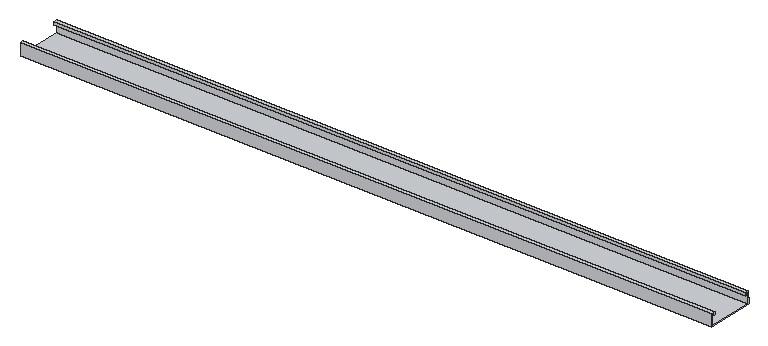
Revit family "TSN CW Stud", category Structural Framing, Revit 2026
Family settings
  Section Shape = Not Defined
  Material for Model Behavior = Other
  Always export as geometry = No
  Classification Number = 23.25.30.11.14.14
  Always vertical = Yes
  Cut with Voids When Loaded = No
  Symbolic Representation = From Family
  Shared = No
  Show family pre-cut in plan views = Yes
Parameters (values of type "800C200-54, 50 ksi")
  d2 = 0' - 0 1/2"
  Version = "2.0"
  URL = "http://www.steelnetwork.com/product.aspx/CurtainWall_CSection"
  T = 0' - 0.0566"
  Stud_D = 1' - 0"
  Section_DB = 4
  Manufacturer = "The Steel Network, Inc."
  Length [instance] = 10' - 0"
  D = 0' - 8"
  d1 = 0' - 0.6332"
  B = 0' - 2"
Types (19): name | T | D | d1 | B
  (no name) | 0' - 0 9/128" | 1' - 4" | 0' - 0 81/128" | 0' - 3"
  362C162-33, 33 ksi | 0' - 0.0346" | 0' - 3 5/8" | 0' - 0.5892" | 0' - 1 5/8"
  362C200-33, 33 ksi | 0' - 0.0346" | 0' - 3 5/8" | 0' - 0.5892" | 0' - 2"
  362C162-43, 50 ksi | 0' - 0.0451" | 0' - 3 5/8" | 0' - 0.6102" | 0' - 1 5/8"
  362C200-43, 50 ksi | 0' - 0.0451" | 0' - 3 5/8" | 0' - 0.6102" | 0' - 2"
  362C162-54, 50 ksi | 0' - 0.0566" | 0' - 3 5/8" | 0' - 0.6332" | 0' - 1 5/8"
  362C200-54, 50 ksi | 0' - 0.0566" | 0' - 3 5/8" | 0' - 0.6332" | 0' - 2"
  600C162-33, 33 ksi | 0' - 0.0346" | 0' - 6" | 0' - 0.5892" | 0' - 1 5/8"
  600C200-33, 33 ksi | 0' - 0.0346" | 0' - 6" | 0' - 0.5892" | 0' - 2"
  600C162-43, 50 ksi | 0' - 0.0451" | 0' - 6" | 0' - 0.6102" | 0' - 1 5/8"
  600C200-43, 50 ksi | 0' - 0.0451" | 0' - 6" | 0' - 0.6102" | 0' - 2"
  600C162-54, 50 ksi | 0' - 0.0566" | 0' - 6" | 0' - 0.6332" | 0' - 1 5/8"
  600C200-54, 50 ksi | 0' - 0.0566" | 0' - 6" | 0' - 0.6332" | 0' - 2"
  800C162-33, 33 ksi | 0' - 0.0346" | 0' - 8" | 0' - 0.5892" | 0' - 1 5/8"
  800C200-33, 33 ksi | 0' - 0.0346" | 0' - 8" | 0' - 0.5892" | 0' - 2"
  800C162-43, 50 ksi | 0' - 0.0451" | 0' - 8" | 0' - 0.6102" | 0' - 1 5/8"
  800C200-43, 50 ksi | 0' - 0.0451" | 0' - 8" | 0' - 0.6102" | 0' - 2"
  800C162-54, 50 ksi | 0' - 0.0566" | 0' - 8" | 0' - 0.6332" | 0' - 1 5/8"
  800C200-54, 50 ksi | 0' - 0.0566" | 0' - 8" | 0' - 0.6332" | 0' - 2"
Reference planes (in)
  plane 1 "Center (Front/Back)": y = 0
  plane 2 "Center El.": z = 0
  plane 3 "Center (Left/Right)": x = 0
  plane 4 "Left": x = -60
  plane 5 "Right": x = 60
  plane 6: z = 0
  plane 7: z = 2
  plane 8: y = -4
  plane 9: y = 4
  plane 10: y = -3.3668
  plane 11: y = 3.3668
Forms (in)
  Extrusion 1, solid
    sketch origin (60, 0, 0) x (0, -1, 0) y (0, 0, 1)
      loop
        line (4, 2) -> (3.3668, 2) -> (3.3668, 1.5) -> (3.4234, 1.5) -> (3.4234, 1.9434) -> (3.9434, 1.9434) -> (3.9434, 0.0566) -> (-3.9434, 0.0566) -> (-3.9434, 1.9434) -> (-3.4234, 1.9434) -> (-3.4234, 1.5) -> (-3.3668, 1.5) -> (-3.3668, 2) -> (-4, 2) -> (-4, 0) -> (4, 0) -> (4, 2)
    from 0 to 120
Lines and regions (in)
  model lines, style "Stick Symbols", detail levels coarse
    curve 1: line (-60, 0, 0) -> (60, 0, 0)
Dimensions and locks (in)
  equal spacing: plane 4 "Left", plane 3 "Center (Left/Right)", plane 5 "Right"
  "Length": plane 4 "Left" to plane 5 "Right"
  equal spacing: plane 8, plane 1 "Center (Front/Back)", plane 9
  "D": plane 8 to plane 9
  "B": plane 7 to plane 6
  "T": Extrusion 1 to plane 6
  "T": plane 8 to Extrusion 1
  "T": Extrusion 1 to plane 9
  "d1": plane 8 to plane 10
  "d1": plane 11 to plane 9
  "T": Extrusion 1 to Extrusion 1  (x4)
  "d2": Extrusion 1 to Extrusion 1  (x2)
  aligned and locked: plane 1 "Center (Front/Back)" to curve 1
  aligned and locked: Extrusion 1 to plane 6
  aligned and locked: plane 9 to Extrusion 1
  aligned and locked: Extrusion 1 to plane 8
  aligned and locked: Extrusion 1 to plane 5 "Right"
  aligned and locked: plane 4 "Left" to Extrusion 1
  aligned: plane 10 to Extrusion 1
  aligned: plane 11 to Extrusion 1
  aligned and locked: plane 10 to Extrusion 1
  aligned and locked: plane 11 to Extrusion 1
Automatic sketch dimensions
  curve 1 to plane 4 "Left" = 0' - 0"
  curve 1 to plane 5 "Right" = 0' - 0"
  Extrusion 1 sketch curve to plane 7 = 0' - 0"  (x2)
  Extrusion 1 sketch curve to plane 9 = 0' - 0"
  Extrusion 1 sketch curve to plane 11 = 0' - 0"
  Extrusion 1 sketch curve to plane 10 = 0' - 0"
  Extrusion 1 sketch curve to plane 8 = 0' - 0"
  Extrusion 1 sketch curve to level = 0' - 0"
  Extrusion 1 sketch curve to plane 9 = 0' - 0.0566"
  Extrusion 1 sketch curve to Extrusion 1 sketch curve = 0' - 0.0566"
  Extrusion 1 sketch curve to plane 10 = 0' - 0.0566"
  plane 8 to Extrusion 1 sketch curve = 0' - 0.0566"
  level to Extrusion 1 sketch curve = 0' - 0.0566"
  Extrusion 1 sketch curve to plane 7 = 0' - 0 1/2"  (x2)
  Extrusion 1 sketch curve to plane 7 = 0' - 0.0566"  (x2)
